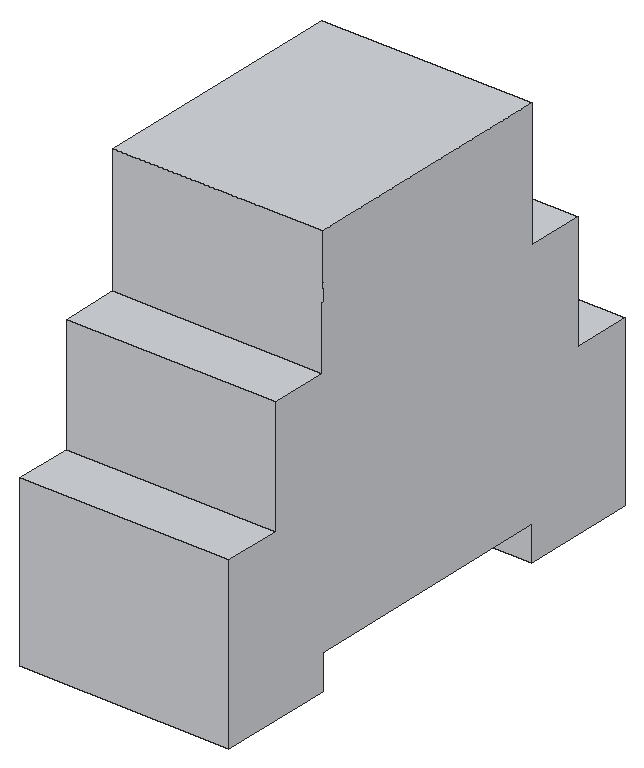
Revit family "Power-ModularDevices-GEWISS-90AM-BELL_TRANSFORMER", category Apparecchi elettrici, host Superficie, Revit 2016 (continued)
Definition of nested family "GENERICO - 90AM RONZATORI"
  Automatic sketch dimensions
    Extrusion 1 to curve 228 = 3.984 mm
    curve 228 to curve 228 = 0.519 mm
    Extrusion 1 to curve 232 = 2.516 mm
    curve 316 to curve 323 = 0.519 mm
    Extrusion 1 to curve 322 = 2.231 mm
    curve 231 to curve 233 = 0.519 mm
    curve 228 to curve 234 = 0.519 mm
    curve 319 to curve 321 = 0.519 mm
    Extrusion 1 to curve 320 = 3.269 mm
    Extrusion 1 to curve 314 = 7.231 mm
    Extrusion 1 to curve 235 = 3.769 mm
    curve 239 to curve 240 = 0.519 mm
    curve 311 to curve 313 = 0.519 mm
    curve 236 to curve 242 = 0.519 mm
    Extrusion 1 to curve 232 = 2.731 mm
    curve 320 to curve 322 = 0.215 mm
    curve 240 to curve 241 = 0.215 mm
    Extrusion 1 to curve 233 = 3.25 mm
    curve 234 to curve 233 = 0.215 mm
    curve 312 to curve 313 = 0.215 mm
    Extrusion 1 to curve 321 = 2.75 mm
    curve 313 to curve 294 = 3.531 mm
    curve 321 to curve 301 = 3.531 mm
    curve 241 to curve 222 = 3.531 mm
    curve 233 to curve 214 = 3.531 mm
    Extrusion 1 to curve 213 = 3.25 mm
    Extrusion 1 to curve 302 = 2.75 mm
    curve 221 to curve 220 = 0.215 mm
    curve 293 to curve 292 = 0.215 mm
    Extrusion 1 to curve 303 = 3.269 mm
    curve 301 to curve 303 = 0.215 mm
    curve 221 to curve 222 = 0.215 mm
    curve 293 to curve 294 = 0.215 mm
    Extrusion 1 to curve 212 = 3.769 mm
    curve 213 to curve 212 = 0.215 mm
    curve 213 to curve 215 = 0.215 mm
    Extrusion 1 to curve 300 = 2.231 mm
    curve 301 to curve 300 = 0.215 mm
    Extrusion 1 to curve 214 = 2.731 mm
    curve 300 to curve 307 = 0.519 mm
    curve 302 to curve 304 = 0.519 mm
    Extrusion 1 to curve 303 = 3.484 mm
    Extrusion 1 to curve 300 = 2.016 mm
    curve 292 to curve 299 = 0.519 mm  (x2)
    curve 220 to curve 227 = 0.519 mm  (x2)
    curve 214 to curve 215 = 0.519 mm
    curve 294 to curve 296 = 0.519 mm
    curve 222 to curve 223 = 0.519 mm
    Extrusion 1 to curve 216 = 2.516 mm
    Extrusion 1 to curve 219 = 3.984 mm
    curve 212 to curve 219 = 0.519 mm
    curve 300 to curve 306 = 0.519 mm
    Extrusion 1 to curve 216 = 2.731 mm
    curve 215 to curve 216 = 0.519 mm
    Extrusion 1 to curve 305 = 3.269 mm
    curve 303 to curve 305 = 0.519 mm
    curve 212 to curve 218 = 0.519 mm
    Extrusion 1 to curve 219 = 3.769 mm
    curve 295 to curve 297 = 0.519 mm
    curve 223 to curve 224 = 0.519 mm
    Extrusion 1 to curve 307 = 2.231 mm
    curve 224 to curve 226 = 0.215 mm
    curve 296 to curve 297 = 0.215 mm
    curve 218 to curve 218 = 0.215 mm
    Extrusion 1 to curve 217 = 3.25 mm
    curve 304 to curve 305 = 0.215 mm
    Extrusion 1 to curve 306 = 2.75 mm
    curve 303 to curve 299 = 3.531 mm
    curve 292 to curve 293 = 0.215 mm
    curve 292 to curve 298 = 0.215 mm
    curve 356 to curve 357 = 0.519 mm
    curve 292 to curve 293 = 0.519 mm
    curve 314 to curve 314 = 0.519 mm
    curve 298 to curve 297 = 0.519 mm
    curve 361 to curve 361 = 0.519 mm
    curve 297 to curve 297 = 0.519 mm
    curve 293 to curve 295 = 0.519 mm
    curve 309 to curve 310 = 0.519 mm
    curve 313 to curve 312 = 0.519 mm
    curve 357 to curve 359 = 0.519 mm
    curve 296 to curve 296 = 0.215 mm
    curve 312 to curve 311 = 0.215 mm
    curve 358 to curve 360 = 0.215 mm
    curve 243 to curve 238 = 1.254 mm
    curve 220 to curve 243 = 0 mm
    curve 284 to curve 288 = 1.254 mm
    curve 220 to curve 226 = 0.215 mm
    curve 284 to curve 284 = 0.215 mm
    curve 236 to curve 243 = 0.215 mm
    curve 220 to curve 220 = 0.215 mm
    curve 284 to curve 291 = 0.215 mm
    curve 236 to curve 237 = 0.215 mm
    curve 236 to curve 237 = 0.519 mm
    curve 289 to curve 288 = 0.519 mm
    curve 220 to curve 221 = 0.519 mm
    curve 242 to curve 241 = 0.519 mm
    curve 284 to curve 286 = 0.519 mm
    curve 226 to curve 226 = 0.519 mm
    curve 225 to curve 224 = 0.519 mm
    curve 221 to curve 222 = 0.519 mm
    curve 285 to curve 286 = 0.519 mm
    curve 241 to curve 241 = 0.519 mm
    curve 240 to curve 239 = 0.215 mm
    curve 286 to curve 288 = 0.215 mm
    curve 224 to curve 224 = 0.215 mm
    Extrusion 1 to curve 374 = 4.778 mm
    Extrusion 1 to curve 375 = 4.778 mm
    Extrusion 1 to curve 373 = 5.492 mm
    curve 373 to Extrusion 1 = 69.625 mm
    Extrusion 1 to curve 372 = 5.033 mm
    curve 373 to curve 372 = 0 mm
    Extrusion 1 to curve 374 = 4.982 mm
    Extrusion 1 to curve 375 = 5.527 mm
    radius of curve 6 = 2.5 mm
    radius of curve 5 = 2.5 mm
    radius of curve 3 = 2.5 mm
    radius of curve 4 = 2.5 mm
    radius of curve 372 = 2.5 mm
    radius of curve 373 = 2.5 mm
    radius of curve 374 = 2.5 mm
    radius of curve 375 = 2.5 mm
Types (2, lengths in mm): name | URL | Produttore | Descrizione
  (no name) | 0 | "GEWISS" | "SUONERIA CON TRASFORMATORE 230V CA 2MOD."
  GW96403 - BELL 230V AC 2M. WITH TRANSFORMER | "https://www.gewiss.com/ww/en" | "GEWISS S.p.A." | "BELL 230V AC 2M. WITH TRANSFORMER"
